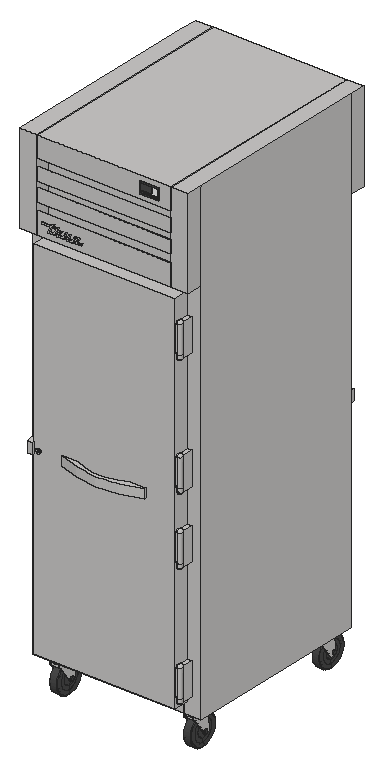
Revit family "QF_TRUE_STG1HPT-1S-1S", category Specialty Equipment, Revit 2012 (continued)
Automatic sketch dimensions
  Revolve 10 sketch curve to plane 4 "FRONT" = 43/64"
  Revolve 10 sketch curve to Revolve 10 sketch curve = 0.40666"
  Revolve 10 sketch curve to Revolve 10 sketch curve = 0"
  Revolve 10 sketch curve to plane 5 "TOP" = 18.75492"
  Revolve 10 sketch curve to Revolve 10 sketch curve = 0.55526"
  Revolve 10 sketch curve to Revolve 10 sketch curve = 0.19474"
  Revolve 10 sketch curve to Revolve 10 sketch curve = 0.14649"
  Revolve 10 sketch curve to Revolve 10 sketch curve = 4.42889"
  Revolve 10 sketch curve to Revolve 10 sketch curve = 0.05342"
  Revolve 10 sketch curve to Revolve 10 sketch curve = 0.51246"
  Revolve 10 sketch curve to Revolve 10 sketch curve = 0.05889"
  Extrusion 11 sketch curve to plane 3 "RIGHT" = 1.88366"
  Extrusion 11 sketch curve to Extrusion 11 sketch curve = 0.39759"
  Extrusion 11 sketch curve to plane 5 "TOP" = 19.6514"
  Extrusion 11 sketch curve to Extrusion 11 sketch curve = 4.47281"
  Extrusion 12 sketch curve to plane 4 "FRONT" = 11/16"
  Extrusion 12 sketch curve to Extrusion 12 sketch curve = 0.43503"
  Extrusion 12 sketch curve to Extrusion 12 sketch curve = 0.20453"
  Extrusion 12 sketch curve to Extrusion 12 sketch curve = 1.42294"
  plane 6 to Extrusion 12 sketch curve = 38.92729"
  Extrusion 12 sketch curve to Extrusion 12 sketch curve = 4.39928"
  Extrusion 12 sketch curve to Extrusion 12 sketch curve = 0.71221"
  Revolve 13 sketch curve to plane 4 "FRONT" = 0.26521"  (x2)
  Revolve 13 sketch curve to Revolve 13 sketch curve = 0.38242"
  Revolve 13 sketch curve to Revolve 13 sketch curve = 0.38436"
  Revolve 13 sketch curve to plane 4 "FRONT" = 43/64"
  Revolve 13 sketch curve to Revolve 13 sketch curve = 0.40666"
  Revolve 13 sketch curve to Revolve 13 sketch curve = 0"
  Revolve 13 sketch curve to plane 5 "TOP" = 38.25492"
  Revolve 13 sketch curve to Revolve 13 sketch curve = 0.55526"
  Revolve 13 sketch curve to Revolve 13 sketch curve = 0.19474"
  Revolve 13 sketch curve to Revolve 13 sketch curve = 0.14649"
  Revolve 13 sketch curve to Revolve 13 sketch curve = 4.42889"
  Revolve 13 sketch curve to Revolve 13 sketch curve = 0.05342"
  Revolve 13 sketch curve to Revolve 13 sketch curve = 0.51246"
  Revolve 13 sketch curve to Revolve 13 sketch curve = 0.05889"
  Extrusion 14 sketch curve to plane 3 "RIGHT" = 1.88366"
  Extrusion 14 sketch curve to Extrusion 14 sketch curve = 0.39759"
  plane 6 to Extrusion 14 sketch curve = 38.8486"
  Extrusion 14 sketch curve to Extrusion 14 sketch curve = 4.47281"
  Extrusion 15 sketch curve to plane 4 "FRONT" = 11/16"
  Extrusion 15 sketch curve to Extrusion 15 sketch curve = 0.43503"
  Extrusion 15 sketch curve to Extrusion 15 sketch curve = 0.20453"
  Extrusion 15 sketch curve to Extrusion 15 sketch curve = 1.42294"
  plane 6 to Extrusion 15 sketch curve = 27.92729"
  Extrusion 15 sketch curve to Extrusion 15 sketch curve = 4.39928"
  Extrusion 15 sketch curve to Extrusion 15 sketch curve = 0.71221"
  Revolve 16 sketch curve to plane 4 "FRONT" = 0.26521"  (x2)
  Revolve 16 sketch curve to Revolve 16 sketch curve = 0.38242"
  Revolve 16 sketch curve to Revolve 16 sketch curve = 0.38436"
  Revolve 16 sketch curve to plane 4 "FRONT" = 43/64"
  Revolve 16 sketch curve to Revolve 16 sketch curve = 0.40666"
  Revolve 16 sketch curve to Revolve 16 sketch curve = 0"
  plane 6 to Revolve 16 sketch curve = 28.74508"
  Revolve 16 sketch curve to Revolve 16 sketch curve = 0.55526"
  Revolve 16 sketch curve to Revolve 16 sketch curve = 0.19474"
  Revolve 16 sketch curve to Revolve 16 sketch curve = 0.14649"
  Revolve 16 sketch curve to Revolve 16 sketch curve = 4.42889"
  Revolve 16 sketch curve to Revolve 16 sketch curve = 0.05342"
  Revolve 16 sketch curve to Revolve 16 sketch curve = 0.51246"
  Revolve 16 sketch curve to Revolve 16 sketch curve = 0.05889"
  Extrusion 17 sketch curve to plane 3 "RIGHT" = 1.88366"
  Extrusion 17 sketch curve to Extrusion 17 sketch curve = 0.39759"
  plane 6 to Extrusion 17 sketch curve = 27.8486"
  Extrusion 17 sketch curve to Extrusion 17 sketch curve = 4.47281"
  Extrusion 18 sketch curve to plane 4 "FRONT" = 11/16"
  Extrusion 18 sketch curve to Extrusion 18 sketch curve = 0.43503"
  Extrusion 18 sketch curve to Extrusion 18 sketch curve = 0.20453"
  Extrusion 18 sketch curve to Extrusion 18 sketch curve = 1.42294"
  plane 6 to Extrusion 18 sketch curve = 8.17729"
  plane 6 to Extrusion 18 sketch curve = 3.57348"
  Extrusion 18 sketch curve to Extrusion 18 sketch curve = 0.71221"
  Revolve 19 sketch curve to plane 4 "FRONT" = 0.26521"  (x2)
  Revolve 19 sketch curve to Revolve 19 sketch curve = 0.38242"
  Revolve 19 sketch curve to Revolve 19 sketch curve = 0.38436"
  Revolve 19 sketch curve to plane 4 "FRONT" = 43/64"
  Revolve 19 sketch curve to Revolve 19 sketch curve = 0.40666"
  Revolve 19 sketch curve to Revolve 19 sketch curve = 0"
  plane 6 to Revolve 19 sketch curve = 8.99508"
  Revolve 19 sketch curve to Revolve 19 sketch curve = 0.55526"
  Revolve 19 sketch curve to Revolve 19 sketch curve = 0.19474"
  Revolve 19 sketch curve to Revolve 19 sketch curve = 0.14649"
  plane 6 to Revolve 19 sketch curve = 3.62689"
  Revolve 19 sketch curve to Revolve 19 sketch curve = 0.05342"
  Revolve 19 sketch curve to Revolve 19 sketch curve = 0.51246"
  Revolve 19 sketch curve to Revolve 19 sketch curve = 0.05889"
  Extrusion 20 sketch curve to plane 3 "RIGHT" = 1.88366"
  Extrusion 20 sketch curve to Extrusion 20 sketch curve = 0.39759"
  plane 6 to Extrusion 20 sketch curve = 8.0986"
  plane 6 to Extrusion 20 sketch curve = 3.62579"
  Revolve 21 sketch curve to plane 3 "RIGHT" = 4.35148"
  Revolve 21 sketch curve to Revolve 21 sketch curve = 0.48273"
  Revolve 21 sketch curve to Revolve 21 sketch curve = 0.4"
  Revolve 21 sketch curve to Revolve 21 sketch curve = 0"  (x2)
  Revolve 21 sketch curve to Revolve 21 sketch curve = 0.1"  (x2)
  Revolve 21 sketch curve to Revolve 21 sketch curve = 0.16101"
  Revolve 21 sketch curve to Revolve 21 sketch curve = 0.75408"
  Revolve 21 sketch curve to Revolve 21 sketch curve = 0.92798"
  Revolve 21 sketch curve to Revolve 21 sketch curve = 0.06101"
  Revolve 21 sketch curve to Revolve 21 sketch curve = 1/2"
  Revolve 21 sketch curve to Revolve 21 sketch curve = 0.16509"
  Revolve 21 sketch curve to Revolve 21 sketch curve = 0.39592"
  level to Revolve 21 sketch curve = 2 1/2"
  Revolve 21 sketch curve to Revolve 21 sketch curve = 0.29941"  (x2)
  Revolve 21 sketch curve to Revolve 21 sketch curve = 3/4"  (x4)
  Revolve 21 sketch curve to Revolve 21 sketch curve = 0.59652"
  Revolve 21 sketch curve to Revolve 21 sketch curve = 0.60059"
  Extrusion 22 sketch curve to plane 6 = 0.63926"  (x2)
  Extrusion 22 sketch curve to plane 4 "FRONT" = 3.79864"
  Extrusion 22 sketch curve to Extrusion 22 sketch curve = 1/4"  (x2)
  level to Extrusion 22 sketch curve = 2.18736"  (x2)
  Extrusion 22 sketch curve to Extrusion 22 sketch curve = 1.7492"  (x2)
  Extrusion 22 sketch curve to Extrusion 22 sketch curve = 0.50669"  (x2)
  Extrusion 22 sketch curve to Extrusion 22 sketch curve = 2 1/2"  (x2)
  level to Extrusion 22 sketch curve = 2.59003"  (x2)
  Extrusion 22 sketch curve to Extrusion 22 sketch curve = 0.59966"  (x2)
  plane 7 to Extrusion 22 sketch curve = 6.6077"
  Extrusion 22 sketch curve to Extrusion 22 sketch curve = 0.60485"  (x2)
  Extrusion 23 sketch curve to plane 6 = 0.63926"  (x2)
  Extrusion 23 sketch curve to plane 4 "FRONT" = 3.79864"
  Extrusion 23 sketch curve to Extrusion 23 sketch curve = 1/4"  (x2)
  level to Extrusion 23 sketch curve = 2.18736"  (x2)
  Extrusion 23 sketch curve to Extrusion 23 sketch curve = 1.7492"  (x2)
  Extrusion 23 sketch curve to Extrusion 23 sketch curve = 0.50669"  (x2)
  Extrusion 23 sketch curve to Extrusion 23 sketch curve = 2 1/2"  (x2)
  level to Extrusion 23 sketch curve = 2.59003"  (x2)
  Extrusion 23 sketch curve to Extrusion 23 sketch curve = 0.59966"  (x2)
  plane 7 to Extrusion 23 sketch curve = 6.6077"
  Extrusion 23 sketch curve to Extrusion 23 sketch curve = 0.60485"  (x2)
  Revolve 24 sketch curve to plane 6 = 0"
  Revolve 24 sketch curve to plane 6 = 0.63926"
  Revolve 24 sketch curve to plane 3 "RIGHT" = 4.14082"
  Revolve 24 sketch curve to Revolve 24 sketch curve = 1.29707"
  Revolve 24 sketch curve to Revolve 24 sketch curve = 0"
  Revolve 24 sketch curve to Revolve 24 sketch curve = 0.09306"
  plane 6 to Revolve 24 sketch curve = 0.26768"
  Revolve 25 sketch curve to level = 0"
  Revolve 25 sketch curve to plane 6 = 0"
  Revolve 25 sketch curve to plane 3 "RIGHT" = 4.17713"
  level to Revolve 25 sketch curve = 1"
  Revolve 25 sketch curve to plane 3 "RIGHT" = 3 19/32"
  Revolve 25 sketch curve to Revolve 25 sketch curve = 1/4"
  Revolve 25 sketch curve to Revolve 25 sketch curve = 1/2"
  Revolve 25 sketch curve to Revolve 25 sketch curve = 0"
  Revolve 25 sketch curve to Revolve 25 sketch curve = 5/8"
  plane 6 to Revolve 25 sketch curve = 1 25/32"
  Revolve 26 sketch curve to level = 0"
  Revolve 26 sketch curve to plane 6 = 0"
  Revolve 26 sketch curve to plane 3 "RIGHT" = 4.17713"
  level to Revolve 26 sketch curve = 1"
  Revolve 26 sketch curve to plane 3 "RIGHT" = 3 19/32"
  Revolve 26 sketch curve to Revolve 26 sketch curve = 1/4"
  Revolve 26 sketch curve to Revolve 26 sketch curve = 1/2"
  Revolve 26 sketch curve to Revolve 26 sketch curve = 0"
  Revolve 26 sketch curve to Revolve 26 sketch curve = 5/8"
  plane 6 to Revolve 26 sketch curve = 1 25/32"
  Revolve 27 sketch curve to plane 6 = 0"
  Revolve 27 sketch curve to plane 6 = 0.63926"
  Revolve 27 sketch curve to plane 3 "RIGHT" = 4.14082"
  Revolve 27 sketch curve to Revolve 27 sketch curve = 1.29707"
  Revolve 27 sketch curve to Revolve 27 sketch curve = 0"
  Revolve 27 sketch curve to Revolve 27 sketch curve = 0.09306"
  plane 6 to Revolve 27 sketch curve = 0.26768"
  Extrusion 28 sketch curve to plane 6 = 0.63926"  (x2)
  Extrusion 28 sketch curve to plane 4 "FRONT" = 3.79864"
  Extrusion 28 sketch curve to Extrusion 28 sketch curve = 1/4"  (x2)
  Extrusion 28 sketch curve to Extrusion 28 sketch curve = 2 1/2"  (x2)
  Extrusion 28 sketch curve to plane 6 = 0.93273"  (x2)
  Extrusion 28 sketch curve to Extrusion 28 sketch curve = 0.03603"
  plane 7 to Extrusion 28 sketch curve = 6.6077"
  Extrusion 28 sketch curve to plane 6 = 1.24411"
  Revolve 29 sketch curve to plane 3 "RIGHT" = 4.35148"
  Revolve 29 sketch curve to Revolve 29 sketch curve = 0.48273"
  Revolve 29 sketch curve to Revolve 29 sketch curve = 0.4"
  Revolve 29 sketch curve to Revolve 29 sketch curve = 0"  (x2)
  Revolve 29 sketch curve to Revolve 29 sketch curve = 0.1"  (x2)
  Revolve 29 sketch curve to Revolve 29 sketch curve = 0.16101"
  Revolve 29 sketch curve to Revolve 29 sketch curve = 0.75408"
  Revolve 29 sketch curve to Revolve 29 sketch curve = 0.92798"
  Revolve 29 sketch curve to Revolve 29 sketch curve = 0.06101"
  Revolve 29 sketch curve to Revolve 29 sketch curve = 1/2"
  Revolve 29 sketch curve to Revolve 29 sketch curve = 0.16509"
  Revolve 29 sketch curve to Revolve 29 sketch curve = 0.39592"
  level to Revolve 29 sketch curve = 2 1/2"
  Revolve 29 sketch curve to Revolve 29 sketch curve = 0.29941"  (x2)
  Revolve 29 sketch curve to Revolve 29 sketch curve = 3/4"  (x4)
  Revolve 29 sketch curve to Revolve 29 sketch curve = 0.59652"
  Revolve 29 sketch curve to Revolve 29 sketch curve = 0.60059"
  plane 2 "LEFT" to Revolve 30 sketch curve = 1.33602"
  Revolve 30 sketch curve to Revolve 30 sketch curve = 0.48273"
  Revolve 30 sketch curve to Revolve 30 sketch curve = 0.4"
  Revolve 30 sketch curve to Revolve 30 sketch curve = 0"  (x2)
  Revolve 30 sketch curve to Revolve 30 sketch curve = 0.1"  (x2)
  Revolve 30 sketch curve to Revolve 30 sketch curve = 0.16101"
  Revolve 30 sketch curve to Revolve 30 sketch curve = 0.75408"
  Revolve 30 sketch curve to Revolve 30 sketch curve = 0.92798"
  Revolve 30 sketch curve to Revolve 30 sketch curve = 0.06101"
  Revolve 30 sketch curve to Revolve 30 sketch curve = 1/2"
  Revolve 30 sketch curve to Revolve 30 sketch curve = 0.16509"
  Revolve 30 sketch curve to Revolve 30 sketch curve = 0.39592"
  level to Revolve 30 sketch curve = 2 1/2"
  Revolve 30 sketch curve to Revolve 30 sketch curve = 0.29941"  (x2)
  Revolve 30 sketch curve to Revolve 30 sketch curve = 3/4"  (x4)
  Revolve 30 sketch curve to Revolve 30 sketch curve = 0.59652"
  Revolve 30 sketch curve to Revolve 30 sketch curve = 0.60059"
  Extrusion 31 sketch curve to plane 6 = 0.63926"  (x2)
  Extrusion 31 sketch curve to plane 4 "FRONT" = 3.79864"
  Extrusion 31 sketch curve to Extrusion 31 sketch curve = 1/4"  (x2)
  level to Extrusion 31 sketch curve = 2.18736"  (x2)
  Extrusion 31 sketch curve to Extrusion 31 sketch curve = 1.7492"  (x2)
  Extrusion 31 sketch curve to Extrusion 31 sketch curve = 0.50669"  (x2)
  Extrusion 31 sketch curve to Extrusion 31 sketch curve = 2 1/2"  (x2)
  level to Extrusion 31 sketch curve = 2.59003"  (x2)
  Extrusion 31 sketch curve to Extrusion 31 sketch curve = 0.59966"  (x2)
  plane 7 to Extrusion 31 sketch curve = 6.6077"
  Extrusion 31 sketch curve to Extrusion 31 sketch curve = 0.60485"  (x2)
  Extrusion 32 sketch curve to plane 6 = 0.63926"  (x2)
  Extrusion 32 sketch curve to plane 4 "FRONT" = 3.79864"
  Extrusion 32 sketch curve to Extrusion 32 sketch curve = 1/4"  (x2)
  level to Extrusion 32 sketch curve = 2.18736"  (x2)
  Extrusion 32 sketch curve to Extrusion 32 sketch curve = 1.7492"  (x2)
  Extrusion 32 sketch curve to Extrusion 32 sketch curve = 0.50669"  (x2)
  Extrusion 32 sketch curve to Extrusion 32 sketch curve = 2 1/2"  (x2)
  level to Extrusion 32 sketch curve = 2.59003"  (x2)
  Extrusion 32 sketch curve to Extrusion 32 sketch curve = 0.59966"  (x2)
  plane 7 to Extrusion 32 sketch curve = 6.6077"
  Extrusion 32 sketch curve to Extrusion 32 sketch curve = 0.60485"  (x2)
  Revolve 33 sketch curve to plane 6 = 0"
  Revolve 33 sketch curve to plane 6 = 0.63926"
  plane 2 "LEFT" to Revolve 33 sketch curve = 1.54668"
  Revolve 33 sketch curve to Revolve 33 sketch curve = 1.29707"
  Revolve 33 sketch curve to Revolve 33 sketch curve = 0"
  Revolve 33 sketch curve to Revolve 33 sketch curve = 0.09306"
  plane 6 to Revolve 33 sketch curve = 0.26768"
  Revolve 34 sketch curve to level = 0"
  Revolve 34 sketch curve to plane 6 = 0"
  plane 2 "LEFT" to Revolve 34 sketch curve = 1.51037"
  level to Revolve 34 sketch curve = 1"
  plane 2 "LEFT" to Revolve 34 sketch curve = 2 3/32"
  Revolve 34 sketch curve to Revolve 34 sketch curve = 1/4"
  Revolve 34 sketch curve to Revolve 34 sketch curve = 1/2"
  Revolve 34 sketch curve to Revolve 34 sketch curve = 0"
  Revolve 34 sketch curve to Revolve 34 sketch curve = 5/8"
  plane 6 to Revolve 34 sketch curve = 1 25/32"
  Revolve 35 sketch curve to level = 0"
  Revolve 35 sketch curve to plane 6 = 0"
  plane 2 "LEFT" to Revolve 35 sketch curve = 1.51037"
  level to Revolve 35 sketch curve = 1"
  plane 2 "LEFT" to Revolve 35 sketch curve = 2 3/32"
  Revolve 35 sketch curve to Revolve 35 sketch curve = 1/4"
  Revolve 35 sketch curve to Revolve 35 sketch curve = 1/2"
  Revolve 35 sketch curve to Revolve 35 sketch curve = 0"
  Revolve 35 sketch curve to Revolve 35 sketch curve = 5/8"
  plane 6 to Revolve 35 sketch curve = 1 25/32"
  Revolve 36 sketch curve to plane 6 = 0"
  Revolve 36 sketch curve to plane 6 = 0.63926"
  plane 2 "LEFT" to Revolve 36 sketch curve = 1.54668"
  Revolve 36 sketch curve to Revolve 36 sketch curve = 1.29707"
  Revolve 36 sketch curve to Revolve 36 sketch curve = 0"
  Revolve 36 sketch curve to Revolve 36 sketch curve = 0.09306"
  plane 6 to Revolve 36 sketch curve = 0.26768"
  Extrusion 37 sketch curve to plane 6 = 0.63926"  (x2)
  Extrusion 37 sketch curve to plane 4 "FRONT" = 3.79864"
  Extrusion 37 sketch curve to Extrusion 37 sketch curve = 1/4"  (x2)
  Extrusion 37 sketch curve to Extrusion 37 sketch curve = 2 1/2"  (x2)
  Extrusion 37 sketch curve to plane 6 = 0.93273"  (x2)
  Extrusion 37 sketch curve to Extrusion 37 sketch curve = 0.03603"
  plane 7 to Extrusion 37 sketch curve = 6.6077"
  Extrusion 37 sketch curve to plane 6 = 1.24411"
  plane 2 "LEFT" to Revolve 38 sketch curve = 1.33602"
  Revolve 38 sketch curve to Revolve 38 sketch curve = 0.48273"
  Revolve 38 sketch curve to Revolve 38 sketch curve = 0.4"
  Revolve 38 sketch curve to Revolve 38 sketch curve = 0"  (x2)
  Revolve 38 sketch curve to Revolve 38 sketch curve = 0.1"  (x2)
  Revolve 38 sketch curve to Revolve 38 sketch curve = 0.16101"
  Revolve 38 sketch curve to Revolve 38 sketch curve = 0.75408"
  Revolve 38 sketch curve to Revolve 38 sketch curve = 0.92798"
  Revolve 38 sketch curve to Revolve 38 sketch curve = 0.06101"
  Revolve 38 sketch curve to Revolve 38 sketch curve = 1/2"
  Revolve 38 sketch curve to Revolve 38 sketch curve = 0.16509"
  Revolve 38 sketch curve to Revolve 38 sketch curve = 0.39592"
  level to Revolve 38 sketch curve = 2 1/2"
  Revolve 38 sketch curve to Revolve 38 sketch curve = 0.29941"  (x2)
  Revolve 38 sketch curve to Revolve 38 sketch curve = 3/4"  (x4)
  Revolve 38 sketch curve to Revolve 38 sketch curve = 0.59652"
  Revolve 38 sketch curve to Revolve 38 sketch curve = 0.60059"
  Extrusion 39 sketch curve to plane 3 "RIGHT" = 2 55/64"
  Extrusion 39 sketch curve to plane 3 "RIGHT" = 3/64"
  plane 7 to Extrusion 39 sketch curve = 2 3/4"
  plane 7 to Extrusion 39 sketch curve = 3/16"
  plane 2 "LEFT" to Extrusion 40 sketch curve = 3/64"
  plane 7 to Extrusion 40 sketch curve = 3/16"
  Extrusion 40 sketch curve to Extrusion 40 sketch curve = 2 13/16"
  Extrusion 40 sketch curve to Extrusion 40 sketch curve = 2 9/16"
  plane 7 to Extrusion 41 sketch curve = 0.67295"
  Extrusion 41 sketch curve to Extrusion 41 sketch curve = 0.43503"
  Extrusion 41 sketch curve to Extrusion 41 sketch curve = 0.20453"
  Extrusion 41 sketch curve to Extrusion 41 sketch curve = 1 7/16"
  Extrusion 41 sketch curve to plane 5 "TOP" = 19.57271"
  Extrusion 41 sketch curve to Extrusion 41 sketch curve = 4.39928"
  Extrusion 41 sketch curve to Extrusion 41 sketch curve = 0.71221"
  plane 7 to Revolve 42 sketch curve = 0.25067"  (x2)
  Revolve 42 sketch curve to Revolve 42 sketch curve = 0.38242"
  Revolve 42 sketch curve to Revolve 42 sketch curve = 0.38436"
  plane 7 to Revolve 42 sketch curve = 0.65733"
  Revolve 42 sketch curve to Revolve 42 sketch curve = 0.40666"
  Revolve 42 sketch curve to Revolve 42 sketch curve = 0"
  Revolve 42 sketch curve to plane 5 "TOP" = 18.75492"
  Revolve 42 sketch curve to Revolve 42 sketch curve = 0.55526"
  Revolve 42 sketch curve to Revolve 42 sketch curve = 0.19474"
  Revolve 42 sketch curve to Revolve 42 sketch curve = 0.14649"
  Revolve 42 sketch curve to Revolve 42 sketch curve = 4.42889"
  Revolve 42 sketch curve to Revolve 42 sketch curve = 0.05342"
  Revolve 42 sketch curve to Revolve 42 sketch curve = 0.51246"
  Revolve 42 sketch curve to Revolve 42 sketch curve = 0.05889"
  plane 2 "LEFT" to Extrusion 43 sketch curve = 1.88366"
  Extrusion 43 sketch curve to Extrusion 43 sketch curve = 0.39759"
  Extrusion 43 sketch curve to plane 5 "TOP" = 19.6514"
  Extrusion 43 sketch curve to Extrusion 43 sketch curve = 4.47281"
  plane 7 to Extrusion 44 sketch curve = 0.67295"
  Extrusion 44 sketch curve to Extrusion 44 sketch curve = 0.43503"
  Extrusion 44 sketch curve to Extrusion 44 sketch curve = 0.20453"
  Extrusion 44 sketch curve to Extrusion 44 sketch curve = 1 7/16"
  plane 6 to Extrusion 44 sketch curve = 38.92729"
  Extrusion 44 sketch curve to Extrusion 44 sketch curve = 4.39928"
  Extrusion 44 sketch curve to Extrusion 44 sketch curve = 0.71221"
  plane 7 to Revolve 45 sketch curve = 0.25067"  (x2)
  Revolve 45 sketch curve to Revolve 45 sketch curve = 0.38242"
  Revolve 45 sketch curve to Revolve 45 sketch curve = 0.38436"
  plane 7 to Revolve 45 sketch curve = 0.65733"
  Revolve 45 sketch curve to Revolve 45 sketch curve = 0.40666"
  Revolve 45 sketch curve to Revolve 45 sketch curve = 0"
  Revolve 45 sketch curve to plane 5 "TOP" = 38.25492"
  Revolve 45 sketch curve to Revolve 45 sketch curve = 0.55526"
  Revolve 45 sketch curve to Revolve 45 sketch curve = 0.19474"
  Revolve 45 sketch curve to Revolve 45 sketch curve = 0.14649"
  Revolve 45 sketch curve to Revolve 45 sketch curve = 4.42889"
  Revolve 45 sketch curve to Revolve 45 sketch curve = 0.05342"
  Revolve 45 sketch curve to Revolve 45 sketch curve = 0.51246"
  Revolve 45 sketch curve to Revolve 45 sketch curve = 0.05889"
  plane 2 "LEFT" to Extrusion 46 sketch curve = 1.88366"
  Extrusion 46 sketch curve to Extrusion 46 sketch curve = 0.39759"
  plane 6 to Extrusion 46 sketch curve = 38.8486"
  Extrusion 46 sketch curve to Extrusion 46 sketch curve = 4.47281"
  plane 7 to Extrusion 47 sketch curve = 0.67295"
  Extrusion 47 sketch curve to Extrusion 47 sketch curve = 0.43503"
  Extrusion 47 sketch curve to Extrusion 47 sketch curve = 0.20453"
  Extrusion 47 sketch curve to Extrusion 47 sketch curve = 1 7/16"
  plane 6 to Extrusion 47 sketch curve = 27.92729"
  Extrusion 47 sketch curve to Extrusion 47 sketch curve = 4.39928"
  Extrusion 47 sketch curve to Extrusion 47 sketch curve = 0.71221"
  plane 7 to Revolve 48 sketch curve = 0.25066"  (x2)
  Revolve 48 sketch curve to Revolve 48 sketch curve = 0.38242"
  Revolve 48 sketch curve to Revolve 48 sketch curve = 0.38436"
  plane 7 to Revolve 48 sketch curve = 0.65733"
  Revolve 48 sketch curve to Revolve 48 sketch curve = 0.40666"
  Revolve 48 sketch curve to Revolve 48 sketch curve = 0"
  plane 6 to Revolve 48 sketch curve = 28.74508"
  Revolve 48 sketch curve to Revolve 48 sketch curve = 0.55526"
  Revolve 48 sketch curve to Revolve 48 sketch curve = 0.19474"
  Revolve 48 sketch curve to Revolve 48 sketch curve = 0.14649"
  Revolve 48 sketch curve to Revolve 48 sketch curve = 4.42889"
  Revolve 48 sketch curve to Revolve 48 sketch curve = 0.05342"
  Revolve 48 sketch curve to Revolve 48 sketch curve = 0.51246"
  Revolve 48 sketch curve to Revolve 48 sketch curve = 0.05889"
  plane 2 "LEFT" to Extrusion 49 sketch curve = 1.88366"
  Extrusion 49 sketch curve to Extrusion 49 sketch curve = 0.39759"
  plane 6 to Extrusion 49 sketch curve = 27.8486"
  Extrusion 49 sketch curve to Extrusion 49 sketch curve = 4.47281"
  plane 7 to Extrusion 50 sketch curve = 0.67295"
  Extrusion 50 sketch curve to Extrusion 50 sketch curve = 0.43503"
  Extrusion 50 sketch curve to Extrusion 50 sketch curve = 0.20453"
  Extrusion 50 sketch curve to Extrusion 50 sketch curve = 1 7/16"
  plane 6 to Extrusion 50 sketch curve = 8.17729"
  plane 6 to Extrusion 50 sketch curve = 3.57348"
  Extrusion 50 sketch curve to Extrusion 50 sketch curve = 0.71221"
  plane 7 to Revolve 51 sketch curve = 0.25066"  (x2)
  Revolve 51 sketch curve to Revolve 51 sketch curve = 0.38242"
  Revolve 51 sketch curve to Revolve 51 sketch curve = 0.38436"
  plane 7 to Revolve 51 sketch curve = 0.65733"
  Revolve 51 sketch curve to Revolve 51 sketch curve = 0.40666"
  Revolve 51 sketch curve to Revolve 51 sketch curve = 0"
  plane 6 to Revolve 51 sketch curve = 8.99508"
  Revolve 51 sketch curve to Revolve 51 sketch curve = 0.55526"
  Revolve 51 sketch curve to Revolve 51 sketch curve = 0.19474"
  Revolve 51 sketch curve to Revolve 51 sketch curve = 0.14649"
  plane 6 to Revolve 51 sketch curve = 3.62689"
  Revolve 51 sketch curve to Revolve 51 sketch curve = 0.05342"
  Revolve 51 sketch curve to Revolve 51 sketch curve = 0.51246"
  Revolve 51 sketch curve to Revolve 51 sketch curve = 0.05889"
  plane 2 "LEFT" to Extrusion 52 sketch curve = 1.88366"
  Extrusion 52 sketch curve to Extrusion 52 sketch curve = 0.39759"
  plane 6 to Extrusion 52 sketch curve = 8.0986"
  plane 6 to Extrusion 52 sketch curve = 3.62579"
  Blend 53 sketch curve to plane 3 "RIGHT" = 2 9/32"  (x2)
  Blend 53 sketch curve to Blend 53 sketch curve = 3/4"
  plane 6 to Blend 53 sketch curve = 33.35643"
  Blend 53 sketch curve to Blend 53 sketch curve = 1 3/4"
  Blend 53 sketch curve to Blend 53 sketch curve = 0.93223"
  plane 6 to Blend 53 sketch curve = 33.79117"
  Blend 53 sketch curve to Blend 53 sketch curve = 2.78233"
  Extrusion 54 sketch curve to plane 5 "TOP" = 2.55982"
  Extrusion 54 sketch curve to plane 3 "RIGHT" = 7.7246"
  Extrusion 54 sketch curve to Extrusion 54 sketch curve = 2 29/32"
  Extrusion 54 sketch curve to plane 5 "TOP" = 13/16"
  Extrusion 55 sketch curve to plane 5 "TOP" = 3/4"
  Extrusion 55 sketch curve to plane 3 "RIGHT" = 7.7871"
  Extrusion 55 sketch curve to Extrusion 55 sketch curve = 1/16"  (x4)
  Extrusion 55 sketch curve to Extrusion 55 sketch curve = 0.1375"  (x2)
  Extrusion 55 sketch curve to Extrusion 55 sketch curve = 1/4"  (x4)
  Extrusion 55 sketch curve to Extrusion 55 sketch curve = 0.44601"
  Extrusion 55 sketch curve to Extrusion 55 sketch curve = 1/2"  (x2)
  Extrusion 55 sketch curve to Extrusion 55 sketch curve = 0.0035"
  Extrusion 55 sketch curve to Extrusion 55 sketch curve = 1.06923"
  Extrusion 55 sketch curve to plane 5 "TOP" = 0.95"
  Extrusion 55 sketch curve to Extrusion 55 sketch curve = 1"
  Extrusion 55 sketch curve to Extrusion 55 sketch curve = 0.34106"  (x3)
  Extrusion 55 sketch curve to Extrusion 55 sketch curve = 0"
  Extrusion 55 sketch curve to Extrusion 55 sketch curve = 0.26876"
  plane 7 to Extrusion 56 sketch curve = 3/8"
  plane 2 "LEFT" to Extrusion 56 sketch curve = 2 9/32"  (x2)
  Extrusion 56 sketch curve to plane 4 "FRONT" = 0"
  Extrusion 56 sketch curve to Extrusion 56 sketch curve = 0.01713"
  plane 4 "FRONT" to Extrusion 56 sketch curve = 0.12053"
  Extrusion 56 sketch curve to plane 3 "RIGHT" = 2.30833"
  Extrusion 56 sketch curve to Extrusion 56 sketch curve = 0.02708"
  Extrusion 56 sketch curve to plane 3 "RIGHT" = 2 9/32"
  plane 7 to Extrusion 56 sketch curve = 0.26438"
  plane 2 "LEFT" to Extrusion 57 sketch curve = 2 9/32"
  Extrusion 57 sketch curve to plane 3 "RIGHT" = 2 9/32"
  Extrusion 57 sketch curve to plane 5 "TOP" = 16 5/32"
  plane 6 to Extrusion 57 sketch curve = 1 29/32"
  plane 2 "LEFT" to Extrusion 58 sketch curve = 2 9/32"
  Extrusion 58 sketch curve to plane 3 "RIGHT" = 2 9/32"
  plane 6 to Extrusion 58 sketch curve = 1 29/32"
  Extrusion 58 sketch curve to plane 5 "TOP" = 16 5/32"
  plane 7 to Extrusion 59 sketch curve = 3/16"  (x2)
  Extrusion 59 sketch curve to plane 3 "RIGHT" = 6.95"
  Extrusion 59 sketch curve to Extrusion 59 sketch curve = 2.37851"  (x2)
  Extrusion 59 sketch curve to Extrusion 59 sketch curve = 4.42149"
  Extrusion 59 sketch curve to Extrusion 59 sketch curve = 0"
  Extrusion 59 sketch curve to plane 7 = 0.0247"
  plane 7 to Extrusion 59 sketch curve = 7.95429"
  Extrusion 59 sketch curve to Extrusion 59 sketch curve = 7.30945"
  Extrusion 60 sketch curve to plane 3 "RIGHT" = 3.04215"
  Extrusion 60 sketch curve to Extrusion 60 sketch curve = 0.02035"
  Extrusion 60 sketch curve to Extrusion 60 sketch curve = 0.0555"
  plane 6 to Extrusion 60 sketch curve = 31.58145"
  Extrusion 60 sketch curve to Extrusion 60 sketch curve = 0.29355"
  Extrusion 60 sketch curve to Extrusion 60 sketch curve = 0.27385"
  plane 2 "LEFT" to Extrusion 61 sketch curve = 2 27/32"
  Extrusion 61 sketch curve to plane 4 "FRONT" = 5.09023"
  plane 2 "LEFT" to Extrusion 62 sketch curve = 2 27/32"
  plane 7 to Extrusion 62 sketch curve = 5.44102"
  Extrusion 63 sketch curve to plane 3 "RIGHT" = 2 27/32"
  plane 7 to Extrusion 63 sketch curve = 5.44102"
  Extrusion 64 sketch curve to plane 3 "RIGHT" = 2 27/32"
  Extrusion 64 sketch curve to plane 4 "FRONT" = 5.09023"
  Extrusion 65 sketch curve to plane 4 "FRONT" = 3/16"  (x2)
  plane 2 "LEFT" to Extrusion 65 sketch curve = 6.95"
  Extrusion 65 sketch curve to Extrusion 65 sketch curve = 2.37851"  (x2)
  Extrusion 65 sketch curve to Extrusion 65 sketch curve = 4.42149"
  Extrusion 65 sketch curve to Extrusion 65 sketch curve = 0"
  plane 4 "FRONT" to Extrusion 65 sketch curve = 0.0247"
  Extrusion 65 sketch curve to plane 4 "FRONT" = 7.95429"
  Extrusion 65 sketch curve to Extrusion 65 sketch curve = 7.30945"
  plane 2 "LEFT" to Extrusion 66 sketch curve = 3.04215"
  Extrusion 66 sketch curve to Extrusion 66 sketch curve = 0.02035"
  Extrusion 66 sketch curve to Extrusion 66 sketch curve = 0.0555"
  plane 6 to Extrusion 66 sketch curve = 31.58145"
  Extrusion 66 sketch curve to Extrusion 66 sketch curve = 0.29355"
  Extrusion 66 sketch curve to Extrusion 66 sketch curve = 0.27385"
  curve 1 to plane 2 "LEFT" = 0"
  plane 4 "FRONT" to curve 8 = 0"
  plane 7 to curve 14 = 0"
  plane 4 "FRONT" to curve 13 = 0"
  curve 1 to plane 3 "RIGHT" = 0"
  plane 2 "LEFT" to curve 26 = 1.05276"
  plane 2 "LEFT" to curve 18 = 1.05276"
  curve 26 to curve 28 = 1.08606"
  curve 18 to curve 20 = 1.08606"
  plane 7 to curve 34 = 3/16"
  plane 2 "LEFT" to curve 34 = 2 9/32"
  curve 33 to plane 4 "FRONT" = 3/16"
  plane 2 "LEFT" to curve 33 = 2 9/32"
  curve 34 to curve 35 = 0.01713"
  plane 2 "LEFT" to curve 25 = 3.55276"
  plane 2 "LEFT" to curve 18 = 3.55276"
  curve 33 to curve 8 = 1.40832"
  plane 2 "LEFT" to curve 6 = 5.30512"
  plane 4 "FRONT" to curve 39 = 0.0247"  (x2)
  curve 8 to curve 39 = 3.24793"
  curve 38 to plane 7 = 0.0247"
  curve 35 to curve 38 = 4.72662"
  curve 38 to curve 37 = 2.37851"
  curve 39 to curve 40 = 2.72546"
  curve 40 to curve 10 = 0.67128"
  curve 17 to curve 39 = 9.09868"
  curve 40 to curve 39 = 0"
  curve 37 to curve 37 = 4.42149"
  curve 39 to curve 36 = 0.0875"
  curve 37 to curve 16 = 7.76225"
  curve 14 to curve 37 = 0.73378"
  curve 10 to curve 40 = 7.82475"
  curve 40 to curve 11 = 1.55392"
  curve 36 to plane 7 = 0.0247"
  curve 34 to plane 3 "RIGHT" = 5.30829"
  curve 39 to curve 12 = 2.20666"
  curve 12 to curve 23 = 31/256"
  curve 30 to plane 3 "RIGHT" = 4.63474"
  curve 36 to curve 14 = 3.18543"
  curve 22 to curve 23 = 1.08606"
  curve 30 to curve 31 = 1.08606"
  curve 33 to plane 4 "FRONT" = 0.06697"
  curve 33 to plane 3 "RIGHT" = 2.30833"
  curve 33 to curve 6 = 0.02708"
  curve 15 to curve 35 = 1.40832"
  curve 22 to plane 3 "RIGHT" = 2.13474"
  curve 30 to plane 3 "RIGHT" = 2.13474"
  curve 2 to curve 5 = 2 9/16"
  curve 5 to curve 20 = 1.14642"
  curve 5 to curve 24 = 1.14642"
  curve 23 to curve 23 = 0.62704"
  curve 19 to curve 19 = 0.62704"
  curve 40 to curve 39 = 7.30945"
  curve 39 to curve 36 = 5.59751"
  curve 28 to curve 34 = 8.66608"
  curve 32 to curve 15 = 8.66608"
  curve 27 to curve 27 = 0.62704"
  curve 31 to curve 31 = 0.62704"
  curve 1 to curve 2 = 2 9/16"
  plane 7 to curve 35 = 0.07688"
  radius of Extrusion 7 sketch curve = 1/4"
  radius of Extrusion 60 sketch curve = 0.35"
  radius of Extrusion 61 sketch curve = 1 1/2"
  radius of Extrusion 62 sketch curve = 1 1/2"
  radius of Extrusion 63 sketch curve = 1 1/2"
  radius of Extrusion 64 sketch curve = 1 1/2"
  radius of Extrusion 66 sketch curve = 0.35"
Connectors (in)
  electrical at (24.25, 2.5625, 82), driven by "Volts", driven by "Watts"
    settings: on Extrusion 7, index 1, voltage 208 V, apparent load 1500 VA, apparent load phase1 0 VA, apparent load phase2 0 VA, apparent load phase3 0 VA, power factor 1, load classification "Other", number of poles 1, system type 30, power factor state 1, is connector primary yes, connector utility no, sub classification motor no, connector description "ELECTRICAL CONNECTION"
